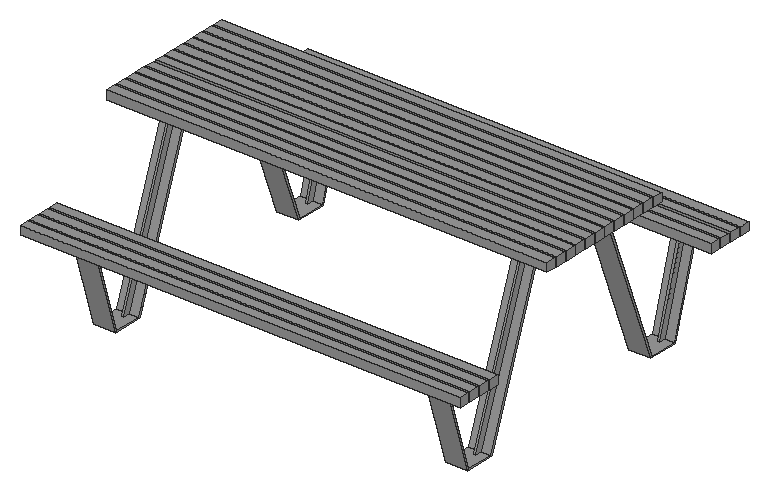
Revit family "Комплект садовой мебели «Уикенд» Арт 15780", category Антураж, Revit 2018
Family settings
  На основе рабочей плоскости = Нет
  Всегда вертикально = Да
  При загрузке вырезать с полостями = Нет
  Источник визуального образа = Геометрия семейства
  Общий = Нет
  Точка расчета площади = Нет
Parameters (values of type "Комплект садовой мебели «Уикенд»")
  Ширина = 1636 mm  # constant formula
  Цвет отделки = Дерево
  Цвет каркаса = Сталь
  Описание = "Комплект садовой мебели «Уикенд»"  # constant formula
  Материал изделия = "Сталь, дерево"  # constant formula
  Изображение типоразмера = Комплект садовой мебели «Уикенд» Арт 15780.jpg
  Изготовитель = "ООО «Хоббика»"  # constant formula
  Длина = 2000 mm  # constant formula
  Группа модели = "Садовая и дачная мебель"  # constant formula
  Высота = 785 mm  # constant formula
  Артикул товара = "Арт. 15780"  # constant formula
  URL = "https://hobbyka.ru/product/komplekt_sadovoy_mebeli_uikend/"
Reference planes
  plane 1 "По центру (Вперед/Назад)": y = 0
  plane 2: z = 0
  plane 3 "По центру (Влево/Вправо)": x = 0
  plane 4: x = 2000
  plane 5: y = 1636
  plane 6: z = 785
Forms (mm)
  Extrusion 1, solid, material "Дерево" <- "Цвет отделки"
    sketch origin (0, 0, 0) x (0, 1, 0) y (0, 0, 1)
      loop
        line (1636, 450) -> (1591, 450) -> (1591, 410) -> (1636, 410) -> (1636, 450)
      loop
        line (1581, 450) -> (1536, 450) -> (1536, 410) -> (1581, 410) -> (1581, 450)
      loop
        line (1526, 450) -> (1481, 450) -> (1481, 410) -> (1526, 410) -> (1526, 450)
      loop
        line (1471, 450) -> (1426, 450) -> (1426, 410) -> (1471, 410) -> (1471, 450)
      loop
        line (210, 450) -> (165, 450) -> (165, 410) -> (210, 410) -> (210, 450)
      loop
        line (155, 450) -> (110, 450) -> (110, 410) -> (155, 410) -> (155, 450)
      loop
        line (100, 450) -> (55, 450) -> (55, 410) -> (100, 410) -> (100, 450)
      loop
        line (45, 450) -> (0, 450) -> (0, 410) -> (45, 410) -> (45, 450)
      loop
        line (978, 785) -> (933, 785) -> (933, 745) -> (978, 745) -> (978, 785)
      loop
        line (923, 785) -> (878, 785) -> (878, 745) -> (923, 745) -> (923, 785)
      loop
        line (868, 785) -> (823, 785) -> (823, 745) -> (868, 745) -> (868, 785)
      loop
        line (1088, 785) -> (1043, 785) -> (1043, 745) -> (1088, 745) -> (1088, 785)
      loop
        line (1033, 785) -> (988, 785) -> (988, 745) -> (1033, 745) -> (1033, 785)
      loop
        line (1143, 785) -> (1098, 785) -> (1098, 745) -> (1143, 745) -> (1143, 785)
      loop
        line (658, 785) -> (658, 745) -> (703, 745) -> (703, 785) -> (658, 785)
      loop
        line (713, 785) -> (713, 745) -> (758, 745) -> (758, 785) -> (713, 785)
      loop
        line (768, 785) -> (768, 745) -> (813, 745) -> (813, 785) -> (768, 785)
      loop
        line (548, 785) -> (548, 745) -> (593, 745) -> (593, 785) -> (548, 785)
      loop
        line (603, 785) -> (603, 745) -> (648, 745) -> (648, 785) -> (603, 785)
      loop
        line (493, 785) -> (493, 745) -> (538, 745) -> (538, 785) -> (493, 785)
    from 0 to 2000
  Extrusion 2, solid, material "Сталь" <- "Цвет каркаса"
    sketch origin (0, 0, 0) x (0, 1, 0) y (0, 0, 1)
      loop
        line (1613.5, 410) -> (1448.5, 410) -> (1448.5, 405) -> (1525.772, 405) -> (1403.479, 5) -> (1275.645, 5) -> (1007.66, 720) -> (628.34, 720) -> (360.355, 5) -> (232.521, 5) -> (110.228, 405) -> (187.5, 405) -> (187.5, 410) -> (22.5, 410) -> (22.5, 405) -> (105, 405) -> (228.821, 0) -> (363.821, 0) -> (631.805, 715) -> (1004.195, 715) -> (1272.179, 0) -> (1407.179, 0) -> (1531, 405) -> (1613.5, 405) -> (1613.5, 410)
    from 150 to 250
  Extrusion 3, solid, material "Сталь" <- "Цвет каркаса"
    sketch origin (0, 0, 0) x (0, 1, 0) y (0, 0, 1)
      loop
        line (1275.645, 5) -> (1302.343, 5) -> (1041.855, 700) -> (1015.156, 700) -> (1275.645, 5)
      loop
        line (1525.772, 405) -> (1499.629, 405) -> (1377.337, 5) -> (1403.479, 5) -> (1525.772, 405)
      loop
        line (360.355, 5) -> (620.844, 700) -> (594.145, 700) -> (333.657, 5) -> (360.355, 5)
      loop
        line (110.228, 405) -> (232.521, 5) -> (258.663, 5) -> (136.371, 405) -> (110.228, 405)
    from 195 to 205
  Extrusion 4, solid, material "Сталь" <- "Цвет каркаса"
    sketch origin (2000, 0, 0) x (0, 1, 0) y (0, 0, -1)
      loop
        line (1613.5, -410) -> (1613.5, -405) -> (1531, -405) -> (1407.179, 0) -> (1272.179, 0) -> (1004.195, -715) -> (631.805, -715) -> (363.821, 0) -> (228.821, 0) -> (105, -405) -> (22.5, -405) -> (22.5, -410) -> (187.5, -410) -> (187.5, -405) -> (110.228, -405) -> (232.521, -5) -> (360.355, -5) -> (628.34, -720) -> (1007.66, -720) -> (1275.645, -5) -> (1403.479, -5) -> (1525.772, -405) -> (1448.5, -405) -> (1448.5, -410) -> (1613.5, -410)
    from 150 to 250
  Extrusion 5, solid, material "Сталь" <- "Цвет каркаса"
    sketch origin (2000, 0, 0) x (0, 1, 0) y (0, 0, -1)
      loop
        line (1275.645, -5) -> (1015.156, -700) -> (1041.855, -700) -> (1302.343, -5) -> (1275.645, -5)
      loop
        line (1525.772, -405) -> (1403.479, -5) -> (1377.337, -5) -> (1499.629, -405) -> (1525.772, -405)
      loop
        line (360.355, -5) -> (333.657, -5) -> (594.145, -700) -> (620.844, -700) -> (360.355, -5)
      loop
        line (110.228, -405) -> (136.371, -405) -> (258.663, -5) -> (232.521, -5) -> (110.228, -405)
    from 195 to 205
  Extrusion 6, solid, material "Сталь" <- "Цвет каркаса"
    sketch origin (0, 0, 0) x (1, 0, 0) y (0, 1, 0)
      loop
        line (187.5, 1088) -> (187.5, 548) -> (1812.5, 548) -> (1812.5, 1088) -> (187.5, 1088)
      loop
        line (212.5, 1063) -> (212.5, 573) -> (1787.5, 573) -> (1787.5, 1063) -> (212.5, 1063)
    from 720 to 745
Dimensions and locks
  "Длина": plane 3 "По центру (Влево/Вправо)" to plane 4
  "Ширина": plane 1 "По центру (Вперед/Назад)" to plane 5
  "Высота": plane 6 to plane 2
  aligned and locked: level to plane 2
Automatic sketch dimensions
  Extrusion 1 sketch curve to plane 1 "По центру (Вперед/Назад)" = 0 mm
  Extrusion 1 sketch curve to plane 6 = 0 mm  (x12)
  Extrusion 1 sketch curve to plane 5 = 0 mm
  Extrusion 1 sketch curve to plane 1 "По центру (Вперед/Назад)" = 45 mm
  Extrusion 1 sketch curve to Extrusion 1 sketch curve = 10 mm  (x17)
  Extrusion 1 sketch curve to Extrusion 1 sketch curve = 45 mm  (x18)
  Extrusion 1 sketch curve to Extrusion 1 sketch curve = 283 mm
  Extrusion 1 sketch curve to plane 5 = 210 mm
  Extrusion 1 sketch curve to Extrusion 1 sketch curve = 40 mm  (x10)
  Extrusion 1 sketch curve to plane 6 = 40 mm  (x3)
  Extrusion 1 sketch curve to Extrusion 1 sketch curve = 0 mm  (x13)
  Extrusion 1 sketch curve to plane 6 = 335 mm  (x2)
  Extrusion 2 sketch curve to level = 0 mm  (x2)
  Extrusion 2 sketch curve to plane 1 "По центру (Вперед/Назад)" = 22.5 mm
  Extrusion 2 sketch curve to Extrusion 2 sketch curve = 82.5 mm
  Extrusion 2 sketch curve to Extrusion 2 sketch curve = 5.228 mm  (x2)
  Extrusion 2 sketch curve to Extrusion 2 sketch curve = 77.272 mm  (x2)
  Extrusion 2 sketch curve to plane 1 "По центру (Вперед/Назад)" = 228.821 mm
  Extrusion 2 sketch curve to Extrusion 2 sketch curve = 3.7 mm  (x2)
  level to Extrusion 2 sketch curve = 5 mm  (x2)
  Extrusion 2 sketch curve to Extrusion 2 sketch curve = 127.835 mm  (x2)
  Extrusion 2 sketch curve to Extrusion 2 sketch curve = 3.466 mm  (x4)
  Extrusion 2 sketch curve to plane 6 = 65 mm
  Extrusion 2 sketch curve to Extrusion 2 sketch curve = 440.84 mm
  Extrusion 2 sketch curve to plane 6 = 70 mm
  Extrusion 2 sketch curve to Extrusion 2 sketch curve = 372.389 mm
  Extrusion 2 sketch curve to plane 5 = 363.821 mm
  Extrusion 2 sketch curve to plane 5 = 187.5 mm
  Extrusion 2 sketch curve to plane 5 = 22.5 mm
  Extrusion 2 sketch curve to plane 6 = 380 mm  (x2)
  Extrusion 2 sketch curve to Extrusion 2 sketch curve = 0 mm  (x2)
  Extrusion 2 sketch curve to Extrusion 2 sketch curve = 5 mm  (x2)
  Extrusion 4 sketch curve to level = 0 mm  (x2)
  Extrusion 4 sketch curve to plane 1 "По центру (Вперед/Назад)" = 22.5 mm
  Extrusion 4 sketch curve to Extrusion 4 sketch curve = 82.5 mm
  Extrusion 4 sketch curve to Extrusion 4 sketch curve = 5.228 mm  (x2)
  Extrusion 4 sketch curve to Extrusion 4 sketch curve = 77.272 mm  (x2)
  Extrusion 4 sketch curve to plane 1 "По центру (Вперед/Назад)" = 228.821 mm
  Extrusion 4 sketch curve to Extrusion 4 sketch curve = 3.7 mm  (x2)
  level to Extrusion 4 sketch curve = 5 mm  (x2)
  Extrusion 4 sketch curve to Extrusion 4 sketch curve = 127.835 mm  (x2)
  Extrusion 4 sketch curve to Extrusion 4 sketch curve = 3.466 mm  (x4)
  Extrusion 4 sketch curve to plane 6 = 65 mm
  Extrusion 4 sketch curve to Extrusion 4 sketch curve = 440.84 mm
  Extrusion 4 sketch curve to plane 6 = 70 mm
  Extrusion 4 sketch curve to Extrusion 4 sketch curve = 372.389 mm
  Extrusion 4 sketch curve to plane 5 = 363.821 mm
  Extrusion 4 sketch curve to plane 5 = 187.5 mm
  Extrusion 4 sketch curve to plane 5 = 22.5 mm
  Extrusion 4 sketch curve to plane 6 = 375 mm  (x2)
  Extrusion 4 sketch curve to Extrusion 4 sketch curve = 5 mm  (x3)
  Extrusion 4 sketch curve to Extrusion 4 sketch curve = 0 mm
  Extrusion 5 sketch curve to plane 1 "По центру (Вперед/Назад)" = 110.228 mm
  Extrusion 5 sketch curve to Extrusion 5 sketch curve = 26.142 mm  (x4)
  level to Extrusion 5 sketch curve = 5 mm  (x4)
  Extrusion 5 sketch curve to plane 1 "По центру (Вперед/Назад)" = 232.521 mm
  Extrusion 5 sketch curve to Extrusion 5 sketch curve = 74.994 mm  (x2)
  Extrusion 5 sketch curve to Extrusion 5 sketch curve = 26.698 mm  (x4)
  Extrusion 5 sketch curve to plane 6 = 85 mm  (x2)
  Extrusion 5 sketch curve to Extrusion 5 sketch curve = 457.775 mm
  Extrusion 5 sketch curve to Extrusion 5 sketch curve = 394.313 mm
  Extrusion 5 sketch curve to plane 5 = 360.355 mm
  Extrusion 5 sketch curve to plane 5 = 136.371 mm
  Extrusion 5 sketch curve to plane 6 = 380 mm  (x2)
  plane 3 "По центру (Влево/Вправо)" to Extrusion 6 sketch curve = 187.5 mm
  Extrusion 6 sketch curve to plane 4 = 187.5 mm
  Extrusion 6 sketch curve to plane 1 "По центру (Вперед/Назад)" = 548 mm
  Extrusion 6 sketch curve to Extrusion 6 sketch curve = 540 mm
  Extrusion 6 sketch curve to Extrusion 6 sketch curve = 25 mm  (x4)
  Extrusion 3 sketch curve to plane 1 "По центру (Вперед/Назад)" = 110.228 mm
  Extrusion 3 sketch curve to Extrusion 3 sketch curve = 26.142 mm  (x4)
  level to Extrusion 3 sketch curve = 5 mm  (x4)
  Extrusion 3 sketch curve to plane 1 "По центру (Вперед/Назад)" = 232.521 mm
  Extrusion 3 sketch curve to Extrusion 3 sketch curve = 74.994 mm  (x2)
  Extrusion 3 sketch curve to Extrusion 3 sketch curve = 26.698 mm  (x4)
  Extrusion 3 sketch curve to plane 6 = 85 mm  (x2)
  Extrusion 3 sketch curve to Extrusion 3 sketch curve = 457.775 mm
  Extrusion 3 sketch curve to Extrusion 3 sketch curve = 394.313 mm
  Extrusion 3 sketch curve to plane 5 = 360.355 mm
  Extrusion 3 sketch curve to plane 5 = 136.371 mm
  Extrusion 3 sketch curve to plane 6 = 380 mm  (x2)
